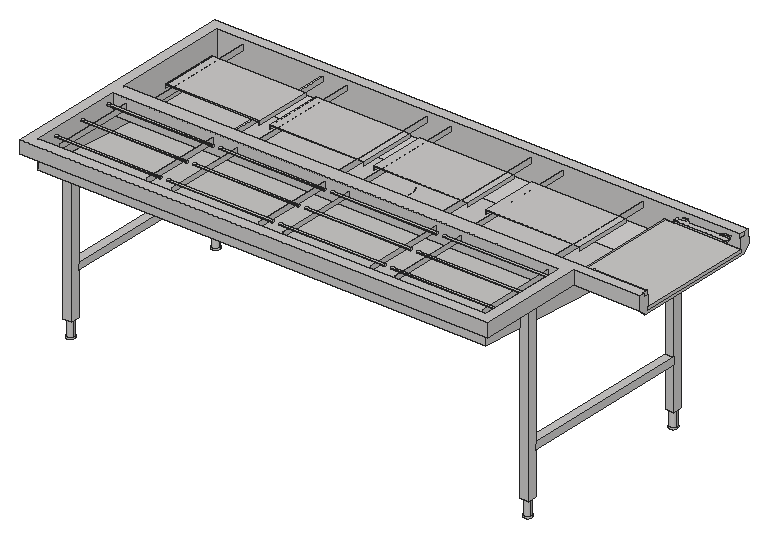
Revit family "QF_ELECTROLUXPROFESSIONAL_865462_HSDDS4LR", category Specialty Equipment, Revit 2018
Family settings
  Round Connector Dimension = Use Diameter
  Part Type = Normal
  Work Plane-Based = No
  Always vertical = Yes
  Cut with Voids When Loaded = No
  Shared = No
  Room Calculation Point = No
Parameters
  Weight = 0.00 kg
  Watts = 0 W
  Volts = 0 V
  URL Manufacturer = ""
  Steam Supply Size = 0 mm
  Steam Supply Minimum Pressure = 0.0 Pa
  Steam Supply Maximum Pressure = 0.0 Pa
  Steam Pounds per Hour = 0
  Refrigeration Suction Line Size = 0 mm
  Refrigeration Liquid Line Size = 0 mm
  Refrigerant Compressor Remote = yes
  Phase = 0
  Length Actual = 0 mm
  Item Number = ""
  Hot Water Size = 0 mm
  Height Actual = 0 mm
  HP = ""
  Gas Size = 0 mm
  Gas KW = 0
  Gas Input Pressure = 0 W
  Depth Actual = 0 mm
  Cycle = 0 Hz
  Condensate Return Size = 0 mm
  Compressed Air Volume = 0.0 L/s
  Compressed Air Size = 0 mm
  Compressed Air Pressure = 0.0 Pa
  Cold Water Size = 0 mm
  Accessory = yes
Reference planes
  plane 1: z = 0
  plane 2 "R": x = 810
  plane 3: z = 910
  plane 4: z = 0
  plane 5: z = 300
  plane 6 "BACK": y = 310
  plane 7 "FRONT": y = -800
  plane 8 "LEFT": x = -1320
  plane 9: x = -255
  plane 10: y = -310
  plane 11 "RIGHT": x = 1110
Forms (mm)
  Extrusion 1, solid, material "QF_Finishes_Stainless Steel"
    sketch origin (0, 0, 0) x (-1, 0, 0) y (0, -1, 0)
      loop
        line (1320, 800) -> (-810, 800) -> (-810, 310) -> (-1107.022, 310) -> (-1107.022, 265) -> (-765, 265) -> (-765, 755) -> (1275, 755) -> (1275, -265) -> (-1107.022, -265) -> (-1107.022, -310) -> (1320, -310) -> (1320, 800)
    from 850.091 to 910
  Extrusion 2, solid, material "QF_Finishes_Stainless Steel"
    sketch origin (0, 0, 0) x (0, 1, 0) y (0, 0, -1)
      loop
        line (-756.248, -850.091) -> (-755, -850.091) -> (-755, -784.848) -> (-131.111, -741.138) -> (130.374, -741.138) -> (265, -784.879) -> (265, -850.091) -> (266.249, -850.091) -> (266.249, -782.13) -> (130.849, -738.138) -> (-131.216, -738.138) -> (-756.248, -781.928) -> (-756.248, -850.091)
    from -765 to 1275
  Revolve 3, solid, material "QF_Finishes_Stainless Steel"
    sketch origin (-255, 0.526, -123.199) x (-1, 0, 0) y (0, 0, -1)
      loop
        line (76.494, -861.337) -> (76.494, -847.59)
        arc (76.494, -847.59) -> (75.89, -845.987) -> (74.39, -845.16) r 2.474
        arc (74.39, -845.16) -> (71.083, -841.301) -> (74.377, -837.43) r 3.913
        arc (74.377, -837.43) -> (75.887, -836.598) -> (76.494, -834.985) r 2.49
        line (76.494, -834.985) -> (76.494, -794.661)
        arc (76.494, -794.661) -> (65.844, -763.962) -> (38.457, -746.476) r 49.516
        line (38.457, -746.476) -> (38.457, -743.987) -> (37.25, -742.336) -> (37.25, -740.749) -> (23.47, -734.749) -> (23.47, -698.838) -> (21.946, -697.377) -> (0, -697.377) -> (0, -861.337) -> (76.494, -861.337)
      axis (0, -861.337) -> (0, -697.377)
    angle from 0 to 360
  Extrusion 4, solid, material "QF_Finishes_Stainless Steel"
    sketch origin (0, 0, 0) x (-1, 0, 0) y (0, -1, 0)
      loop
        line (-765, 330.124) -> (-765, 265) -> (1275, 265) -> (1275, 330.124) -> (-765, 330.124)
    from 820 to 910
  Extrusion 5, solid, material "QF_Finishes_Stainless Steel"
    sketch origin (6.015, 0, -602.691) x (-1, 0, 0) y (0, -1, 0)
      loop
        line (1283.015, -266.249) -> (1323.015, -266.249) -> (1323.015, 521.738) -> (1283.015, 521.738) -> (1283.015, -266.249)
    from 872.691 to 902.691
  Extrusion 6, solid, material "QF_Finishes_Stainless Steel"
    sketch origin (-1277, 0, 0) x (0, 1, 0) y (0, 0, -1)
      loop
        line (-756.248, -781.928) -> (-756.248, -850.091) -> (266.249, -850.091) -> (266.249, -782.13) -> (130.849, -738.138) -> (-131.216, -738.138) -> (-756.248, -781.928)
    from 0 to -2
  Extrusion 7, solid, material "QF_Finishes_Stainless Steel"
    sketch origin (767, 0, 0) x (0, 1, 0) y (0, 0, 1)
      loop
        line (-756.248, 850.091) -> (-756.248, 781.928) -> (-131.216, 738.138) -> (130.849, 738.138) -> (266.249, 782.13) -> (266.249, 850.091) -> (-756.248, 850.091)
    from 0 to -2
  Extrusion 8, solid, material "QF_Finishes_Stainless Steel"
    sketch origin (-516, 0.054, -598.981) x (1, 0, 0) y (0, 1, 0)
      loop
        line (1283, 266.195) -> (1283, -521.792) -> (1323, -521.792) -> (1323, 266.195) -> (1283, 266.195)
    from 869.081 to 898.981
  Extrusion 9, solid, material "QF_Finishes_Stainless Steel"
    sketch origin (0, -7.263, 2.863) x (-1, 0, 0) y (0, -1, 0)
      loop
        line (-200.029, 694.438) -> (-200.029, 322.861) -> (-196.981, 322.861) -> (-196.981, 694.438) -> (-200.029, 694.438)
      loop
        line (196.981, 694.438) -> (196.981, 322.861) -> (200.029, 322.861) -> (200.029, 694.438) -> (196.981, 694.438)
      loop
        line (1220.049, 694.438) -> (1217.001, 694.438) -> (1217.001, 322.861) -> (1220.049, 322.861) -> (1220.049, 694.438)
      loop
        line (823.039, 694.438) -> (819.991, 694.438) -> (819.991, 322.861) -> (823.039, 322.861) -> (823.039, 694.438)
      loop
        line (710.007, 694.438) -> (707.023, 694.438) -> (707.023, 322.861) -> (710.007, 322.861) -> (710.007, 694.438)
      loop
        line (312.997, 694.438) -> (310.013, 694.438) -> (310.013, 322.861) -> (312.997, 322.861) -> (312.997, 694.438)
      loop
        line (-710.071, 694.438) -> (-710.071, 322.861) -> (-707.023, 322.861) -> (-707.023, 694.438) -> (-710.071, 694.438)
      loop
        line (-313.061, 694.438) -> (-313.061, 322.861) -> (-310.013, 322.861) -> (-310.013, 694.438) -> (-313.061, 694.438)
    from 860 to 881.896
  Extrusion 10, solid, material "QF_Finishes_Stainless Steel"
    sketch origin (-2327.512, 265, 0) x (0, 1, 0) y (0, 0, 1)
      loop
        circle (-937.158, 888.745) r 3.985
      loop
        circle (-788.819, 888.745) r 3.985
      loop
        circle (-640.48, 888.745) r 3.985
    from 1067.5 to 1547.5
  Extrusion 11, solid, material "QF_Finishes_Stainless Steel"
    sketch origin (-1817.533, 265, 0) x (0, 1, 0) y (0, 0, 1)
      loop
        circle (-937.158, 888.745) r 3.985
      loop
        circle (-788.819, 888.745) r 3.985
      loop
        circle (-640.48, 888.745) r 3.985
    from 1067.5 to 1547.5
  Extrusion 12, solid, material "QF_Finishes_Stainless Steel"
    sketch origin (-1307.491, 265, 0) x (0, 1, 0) y (0, 0, 1)
      loop
        circle (-937.158, 888.745) r 3.985
      loop
        circle (-788.819, 888.745) r 3.985
      loop
        circle (-640.48, 888.745) r 3.985
    from 1067.5 to 1547.5
  Extrusion 13, solid, material "QF_Finishes_Stainless Steel"
    sketch origin (1557.022, 52.5, 35) x (0, 1, 0) y (0, 0, 1)
      loop
        line (-362.5, 815.091) -> (-334.909, 787.5) -> (229.909, 787.5) -> (257.5, 815.091) -> (257.5, 875) -> (235, 875) -> (235, 860) -> (212.5, 860) -> (212.5, 808.439) -> (-317.5, 808.439) -> (-317.5, 860) -> (-340, 860) -> (-340, 875) -> (-362.5, 875) -> (-362.5, 815.091)
    from -450 to -447.022
  Extrusion 14, solid, material "QF_Finishes_Stainless Steel"
    sketch origin (-275, -2290.751, 0) x (0, 1, 0) y (0, 0, 1)
      loop
        line (2597.773, 875) -> (2557, 875) -> (2557, 872) -> (2597.773, 872) -> (2597.773, 875)
    from 0 to 530
  Extrusion 15, solid, material "QF_Finishes_Stainless Steel"
    sketch origin (0, 0, 0) x (1, 0, 0) y (0, 0, 1)
      loop
        line (-1159.991, 862.863) -> (-1159.991, 884.759) -> (-1163.039, 884.759) -> (-1163.039, 862.863) -> (-1159.991, 862.863)
      loop
        line (-794.991, 862.863) -> (-794.991, 884.759) -> (-798.039, 884.759) -> (-798.039, 862.863) -> (-794.991, 862.863)
      loop
        line (-684.991, 862.863) -> (-684.991, 884.759) -> (-688.039, 884.759) -> (-688.039, 862.863) -> (-684.991, 862.863)
      loop
        line (-319.991, 862.863) -> (-319.991, 884.759) -> (-323.039, 884.759) -> (-323.039, 862.863) -> (-319.991, 862.863)
      loop
        line (-209.991, 862.863) -> (-209.991, 884.759) -> (-213.039, 884.759) -> (-213.039, 862.863) -> (-209.991, 862.863)
      loop
        line (155.009, 862.863) -> (155.009, 884.759) -> (151.961, 884.759) -> (151.961, 862.863) -> (155.009, 862.863)
      loop
        line (300.048, 862.863) -> (300.048, 884.759) -> (297, 884.759) -> (297, 862.863) -> (300.048, 862.863)
      loop
        line (665.048, 862.863) -> (665.048, 884.759) -> (662, 884.759) -> (662, 862.863) -> (665.048, 862.863)
    from -265 to 265
  Extrusion 16, solid, material "QF_Finishes_Stainless Steel"
    sketch origin (2.5, 0, 0) x (1, 0, 0) y (0, 0, 1)
      loop
        line (-769.039, 884.759) -> (-769.039, 871.646) -> (-766.039, 871.646) -> (-766.039, 887.746) -> (-1196.039, 887.746) -> (-1196.039, 871.646) -> (-1193.039, 871.646) -> (-1193.039, 884.759) -> (-769.039, 884.759)
    from -130.374 to 131.111
  Extrusion 17, solid, material "QF_Finishes_Stainless Steel"
    sketch origin (477.5, 0, 0) x (1, 0, 0) y (0, 0, 1)
      loop
        line (-769.039, 884.759) -> (-769.039, 871.646) -> (-766.039, 871.646) -> (-766.039, 887.746) -> (-1196.039, 887.746) -> (-1196.039, 871.646) -> (-1193.039, 871.646) -> (-1193.039, 884.759) -> (-769.039, 884.759)
    from -130.374 to 131.111
  Extrusion 18, solid, material "QF_Finishes_Stainless Steel"
    sketch origin (952.5, 0, 0) x (1, 0, 0) y (0, 0, 1)
      loop
        line (-769.039, 884.759) -> (-769.039, 871.646) -> (-766.039, 871.646) -> (-766.039, 887.746) -> (-1196.039, 887.746) -> (-1196.039, 871.646) -> (-1193.039, 871.646) -> (-1193.039, 884.759) -> (-769.039, 884.759)
    from -130.374 to 131.111
  Extrusion 19, solid, material "QF_Finishes_Stainless Steel"
    sketch origin (510, 0, 0) x (1, 0, 0) y (0, 0, 1)
      loop
        line (597.022, 843.439) -> (600, 843.439) -> (600, 833.439) -> (602.5, 833.439) -> (602.5, 846.169) -> (257, 850.068) -> (257, 847.567) -> (597.022, 843.439)
    from -266.249 to 265
  Extrusion 20, solid, material "QF_Finishes_Stainless Steel"
    sketch origin (510, 0, 0) x (1, 0, 0) y (0, 1, 0)
      loop
        arc (330.912, 247.069) -> (327.376, 245.605) -> (325.912, 242.069) r 5
        line (325.912, 242.069) -> (325.912, 232.503)
        arc (325.912, 232.503) -> (327.376, 228.968) -> (330.912, 227.503) r 5
        line (330.912, 227.503) -> (565, 227.503)
        arc (565, 227.503) -> (568.536, 228.968) -> (570, 232.503) r 5
        line (570, 232.503) -> (570, 242.069)
        arc (570, 242.069) -> (568.536, 245.605) -> (565, 247.069) r 5
        line (565, 247.069) -> (520, 247.069) -> (535.477, 262.546) -> (555.477, 262.546) -> (555.477, 265) -> (534.395, 265) -> (516.464, 247.069) -> (379.448, 247.069) -> (361.517, 265) -> (340.435, 265) -> (340.435, 262.546) -> (360.435, 262.546) -> (375.912, 247.069) -> (330.912, 247.069)
    from 884.759 to 887.746
  Extrusion 21, solid, material "QF_Finishes_Stainless Steel"
    sketch origin (510, 0, 0) x (1, 0, 0) y (0, 1, 0)
      loop
        line (330.912, -247.069) -> (375.912, -247.069) -> (360.435, -262.546) -> (340.435, -262.546) -> (340.435, -265) -> (361.517, -265) -> (379.448, -247.069) -> (516.464, -247.069) -> (534.395, -265) -> (555.477, -265) -> (555.477, -262.546) -> (535.477, -262.546) -> (520, -247.069) -> (565, -247.069)
        arc (565, -247.069) -> (568.536, -245.605) -> (570, -242.069) r 5
        line (570, -242.069) -> (570, -232.503)
        arc (570, -232.503) -> (568.536, -228.968) -> (565, -227.503) r 5
        line (565, -227.503) -> (330.912, -227.503)
        arc (330.912, -227.503) -> (327.376, -228.968) -> (325.912, -232.503) r 5
        line (325.912, -232.503) -> (325.912, -242.069)
        arc (325.912, -242.069) -> (327.376, -245.605) -> (330.912, -247.069) r 5
    from 884.759 to 887.746
  Extrusion 22, solid, material "QF_Finishes_Stainless Steel"
    sketch origin (-797.45, 265, 0) x (0, 1, 0) y (0, 0, 1)
      loop
        circle (-937.158, 888.745) r 3.985
      loop
        circle (-788.819, 888.745) r 3.985
      loop
        circle (-640.48, 888.745) r 3.985
    from 1067.5 to 1547.5
  Extrusion 23, solid, material "QF_Finishes_Stainless Steel"
    sketch origin (1462.542, 0, 0) x (1, 0, 0) y (0, 0, 1)
      loop
        line (-769.039, 884.759) -> (-769.039, 871.646) -> (-766.039, 871.646) -> (-766.039, 887.746) -> (-1196.039, 887.746) -> (-1196.039, 871.646) -> (-1193.039, 871.646) -> (-1193.039, 884.759) -> (-769.039, 884.759)
    from -130.374 to 131.111
Cuts and joins
  joined: Extrusion 1, Extrusion 2, Revolve 3, Extrusion 4, Extrusion 6, Extrusion 7, Extrusion 9, Extrusion 10, Extrusion 11, Extrusion 12, Extrusion 13, Extrusion 14
Lines and regions (mm)
  Split face 1
    outline origin (-131.315, -0.079, 741.138) x (-1, 0, 0) y (0, -1, 0)
      loop
        circle (123.685, -0.035) r 73.783
  Split face 2
    outline origin (-131.315, -0.079, 741.138) x (-1, 0, 0) y (0, -1, 0)
      loop
        circle (123.685, -0.035) r 66.01
  Split face 3
    outline origin (-131.315, -0.079, 741.138) x (-1, 0, 0) y (0, -1, 0)
      loop
        circle (123.685, -0.035) r 53.774
  Split face 4
    outline origin (-131.315, -0.079, 741.138) x (-1, 0, 0) y (0, -1, 0)
      loop
        circle (123.685, -0.035) r 50.771
  Split face 5
    outline origin (-131.315, -0.079, 741.138) x (-1, 0, 0) y (0, -1, 0)
      loop
        circle (123.685, -0.035) r 33.793
  Split face 6
    outline origin (-131.315, -0.079, 741.138) x (-1, 0, 0) y (0, -1, 0)
      loop
        circle (123.685, -0.035) r 30.826
  Split face 7
    outline origin (-131.315, -0.079, 741.138) x (-1, 0, 0) y (0, -1, 0)
      loop
        circle (123.685, -0.035) r 13.843
  Split face 8
    outline origin (-131.315, -0.079, 741.138) x (-1, 0, 0) y (0, -1, 0)
      loop
        circle (123.685, -0.035) r 10.833
  symbolic lines
    curve 1: line (-1320, 310, 0) -> (1110, 310, 0)
    curve 2: line (-1320, -800, 0) -> (-1320, 310, 0)
    curve 3: line (810, -800, 0) -> (-1320, -800, 0)
    curve 4: line (810, -310, 0) -> (810, -800, 0)
    curve 5: line (-1275, 265, 0) -> (1110, 265, 0)
    curve 6: line (-1275, -755, 0) -> (-1275, 265, 0)
    curve 7: line (765, -755, 0) -> (-1275, -755, 0)
    curve 8: line (-1275, -265, 0) -> (1110, -265, 0)
    curve 9: line (765, -330.124, 0) -> (-1275, -330.124, 0)
    curve 10: line (-1260.012, -371.495, 0) -> (-1260.012, -379.465, 0)
    curve 11: line (-1260.012, -379.465, 0) -> (-780.012, -379.465, 0)
    curve 12: line (-780.012, -379.465, 0) -> (-780.012, -371.495, 0)
    curve 13: line (-780.012, -371.495, 0) -> (-1260.012, -371.495, 0)
    curve 14: line (-1260.012, -519.834, 0) -> (-1260.012, -527.804, 0)
    curve 15: line (-1260.012, -527.804, 0) -> (-780.012, -527.804, 0)
    curve 16: line (-780.012, -527.804, 0) -> (-780.012, -519.834, 0)
    curve 17: line (-780.012, -519.834, 0) -> (-1260.012, -519.834, 0)
    curve 18: line (-1260.012, -668.173, 0) -> (-1260.012, -676.143, 0)
    curve 19: line (-1260.012, -676.143, 0) -> (-780.012, -676.143, 0)
    curve 20: line (-780.012, -676.143, 0) -> (-780.012, -668.173, 0)
    curve 21: line (-780.012, -668.173, 0) -> (-1260.012, -668.173, 0)
    curve 22: line (-1220.049, -330.124, 0) -> (-1220.049, -371.495, 0)
    curve 23: line (-1217.001, -330.124, 0) -> (-1217.001, -371.495, 0)
    curve 24: line (-1220.049, -379.465, 0) -> (-1220.049, -519.834, 0)
    curve 25: line (-1220.049, -701.7, 0) -> (-1220.049, -676.143, 0)
    curve 26: line (-1220.049, -701.7, 0) -> (-1217.001, -701.7, 0)
    curve 27: line (-1217.001, -701.7, 0) -> (-1217.001, -676.143, 0)
    curve 28: line (-1220.049, -668.173, 0) -> (-1220.049, -527.804, 0)
    curve 29: line (-1217.001, -527.804, 0) -> (-1217.001, -668.173, 0)
    curve 30: line (-1217.001, -519.834, 0) -> (-1217.001, -379.465, 0)
    curve 31: line (-823.039, -330.124, 0) -> (-823.039, -371.495, 0)
    curve 32: line (-819.992, -330.124, 0) -> (-819.992, -371.495, 0)
    curve 33: line (-823.039, -379.465, 0) -> (-823.039, -519.834, 0)
    curve 34: line (-823.039, -701.7, 0) -> (-823.039, -676.143, 0)
    curve 35: line (-823.039, -701.7, 0) -> (-819.992, -701.7, 0)
    curve 36: line (-819.992, -701.7, 0) -> (-819.992, -676.143, 0)
    curve 37: line (-823.039, -668.173, 0) -> (-823.039, -527.804, 0)
    curve 38: line (-819.992, -527.804, 0) -> (-819.992, -668.173, 0)
    curve 39: line (-819.992, -519.834, 0) -> (-819.992, -379.465, 0)
    curve 40: line (-750.033, -371.495, 0) -> (-750.033, -379.465, 0)
    curve 41: line (-750.033, -379.465, 0) -> (-270.033, -379.465, 0)
    curve 42: line (-270.033, -379.465, 0) -> (-270.033, -371.495, 0)
    curve 43: line (-270.033, -371.495, 0) -> (-750.033, -371.495, 0)
    curve 44: line (-750.033, -519.834, 0) -> (-750.033, -527.804, 0)
    curve 45: line (-750.033, -527.804, 0) -> (-270.033, -527.804, 0)
    curve 46: line (-270.033, -527.804, 0) -> (-270.033, -519.834, 0)
    curve 47: line (-270.033, -519.834, 0) -> (-750.033, -519.834, 0)
    curve 48: line (-750.033, -668.173, 0) -> (-750.033, -676.143, 0)
    curve 49: line (-750.033, -676.143, 0) -> (-270.033, -676.143, 0)
    curve 50: line (-270.033, -676.143, 0) -> (-270.033, -668.173, 0)
    curve 51: line (-270.033, -668.173, 0) -> (-750.033, -668.173, 0)
    curve 52: line (-710.071, -330.124, 0) -> (-710.071, -371.495, 0)
    curve 53: line (-707.023, -330.124, 0) -> (-707.023, -371.495, 0)
    curve 54: line (-710.071, -379.465, 0) -> (-710.071, -519.834, 0)
    curve 55: line (-710.071, -701.7, 0) -> (-710.071, -676.143, 0)
    curve 56: line (-710.071, -701.7, 0) -> (-707.023, -701.7, 0)
    curve 57: line (-707.023, -701.7, 0) -> (-707.023, -676.143, 0)
    curve 58: line (-710.071, -668.173, 0) -> (-710.071, -527.804, 0)
    curve 59: line (-707.023, -527.804, 0) -> (-707.023, -668.173, 0)
    curve 60: line (-707.023, -519.834, 0) -> (-707.023, -379.465, 0)
    curve 61: line (-313.061, -330.124, 0) -> (-313.061, -371.495, 0)
    curve 62: line (-310.013, -330.124, 0) -> (-310.013, -371.495, 0)
    curve 63: line (-313.061, -379.465, 0) -> (-313.061, -519.834, 0)
    curve 64: line (-313.061, -701.7, 0) -> (-313.061, -676.143, 0)
    curve 65: line (-313.061, -701.7, 0) -> (-310.013, -701.7, 0)
    curve 66: line (-310.013, -701.7, 0) -> (-310.013, -676.143, 0)
    curve 67: line (-313.061, -668.173, 0) -> (-313.061, -527.804, 0)
    curve 68: line (-310.013, -527.804, 0) -> (-310.013, -668.173, 0)
    curve 69: line (-310.013, -519.834, 0) -> (-310.013, -379.465, 0)
    curve 70: line (-239.991, -371.495, 0) -> (-239.991, -379.465, 0)
    curve 71: line (-239.991, -379.465, 0) -> (240.009, -379.465, 0)
    curve 72: line (240.009, -379.465, 0) -> (240.009, -371.495, 0)
    curve 73: line (240.009, -371.495, 0) -> (-239.991, -371.495, 0)
    curve 74: line (-239.991, -519.834, 0) -> (-239.991, -527.804, 0)
    curve 75: line (-239.991, -527.804, 0) -> (240.009, -527.804, 0)
    curve 76: line (240.009, -527.804, 0) -> (240.009, -519.834, 0)
    curve 77: line (240.009, -519.834, 0) -> (-239.991, -519.834, 0)
    curve 78: line (-239.991, -668.173, 0) -> (-239.991, -676.143, 0)
    curve 79: line (-239.991, -676.143, 0) -> (240.009, -676.143, 0)
    curve 80: line (240.009, -676.143, 0) -> (240.009, -668.173, 0)
    curve 81: line (240.009, -668.173, 0) -> (-239.991, -668.173, 0)
    curve 82: line (-200.029, -330.124, 0) -> (-200.029, -371.495, 0)
    curve 83: line (-196.981, -330.124, 0) -> (-196.981, -371.495, 0)
    curve 84: line (-200.029, -379.465, 0) -> (-200.029, -519.834, 0)
    curve 85: line (-200.029, -701.7, 0) -> (-200.029, -676.143, 0)
    curve 86: line (-200.029, -701.7, 0) -> (-196.981, -701.7, 0)
    curve 87: line (-196.981, -701.7, 0) -> (-196.981, -676.143, 0)
    curve 88: line (-200.029, -668.173, 0) -> (-200.029, -527.804, 0)
    curve 89: line (-196.981, -527.804, 0) -> (-196.981, -668.173, 0)
    curve 90: line (-196.981, -519.834, 0) -> (-196.981, -379.465, 0)
    curve 91: line (196.981, -330.124, 0) -> (196.981, -371.495, 0)
    curve 92: line (200.029, -330.124, 0) -> (200.029, -371.495, 0)
    curve 93: line (196.981, -379.465, 0) -> (196.981, -519.834, 0)
    curve 94: line (196.981, -701.7, 0) -> (196.981, -676.143, 0)
    curve 95: line (196.981, -701.7, 0) -> (200.029, -701.7, 0)
    curve 96: line (200.029, -701.7, 0) -> (200.029, -676.143, 0)
    curve 97: line (196.981, -668.173, 0) -> (196.981, -527.804, 0)
    curve 98: line (200.029, -527.804, 0) -> (200.029, -668.173, 0)
    curve 99: line (200.029, -519.834, 0) -> (200.029, -379.465, 0)
    curve 100: line (765, -755, 0) -> (765, -330.124, 0)
    curve 101: arc (-331.496, 0.526, 0) -> (-255, 77.021, 0) -> (-178.504, 0.526, 0) r 76.496
    curve 102: arc (-178.504, 0.526, 0) -> (-255, -75.97, 0) -> (-331.496, 0.526, 0) r 76.496
    curve 103: arc (-233.054, 0.526, 0) -> (-255, 22.472, 0) -> (-276.946, 0.526, 0) r 21.946
    curve 104: arc (-276.946, 0.526, 0) -> (-255, -21.421, 0) -> (-233.054, 0.526, 0) r 21.946
    curve 105: line (810, -310, 0) -> (1110, -310, 0)
    curve 106: line (1110, -310, 0) -> (1110, 310, 0)
    curve 107: line (1110, 0, 0) -> (1080, 0, 0)
    curve 108: line (-1193.539, 130.374, 0) -> (-763.539, 130.374, 0)
    curve 109: line (-1193.539, -131.111, 0) -> (-1193.539, 130.374, 0)
    curve 110: line (-763.539, -131.111, 0) -> (-1193.539, -131.111, 0)
    curve 111: line (-763.539, 130.374, 0) -> (-763.539, -131.111, 0)
    curve 112: line (-718.539, 130.374, 0) -> (-288.539, 130.374, 0)
    curve 113: line (-718.539, -131.111, 0) -> (-718.539, 130.374, 0)
    curve 114: line (-288.539, -131.111, 0) -> (-718.539, -131.111, 0)
    curve 115: line (-288.539, 130.374, 0) -> (-288.539, -131.111, 0)
    curve 116: line (-243.539, -131.111, 0) -> (186.461, -131.111, 0)
    curve 117: line (-243.539, 130.374, 0) -> (-243.539, -131.111, 0)
    curve 118: line (186.461, 130.374, 0) -> (-243.539, 130.374, 0)
    curve 119: line (186.461, -131.111, 0) -> (186.461, 130.374, 0)
    curve 120: line (-1163.039, 265, 0) -> (-1163.039, 130.374, 0)
    curve 121: line (-1159.991, 130.374, 0) -> (-1159.991, 265, 0)
    curve 122: line (-1163.039, -265, 0) -> (-1163.039, -131.111, 0)
    curve 123: line (-1159.991, -131.111, 0) -> (-1159.991, -265, 0)
    curve 124: line (-798.039, 265, 0) -> (-798.039, 130.374, 0)
    curve 125: line (-794.991, 130.374, 0) -> (-794.991, 265, 0)
    curve 126: line (-798.039, -265, 0) -> (-798.039, -131.111, 0)
    curve 127: line (-794.991, -131.111, 0) -> (-794.991, -265, 0)
    curve 128: line (-688.039, 265, 0) -> (-688.039, 130.374, 0)
    curve 129: line (-684.991, 130.374, 0) -> (-684.991, 265, 0)
    curve 130: line (-688.039, -265, 0) -> (-688.039, -131.111, 0)
    curve 131: line (-684.991, -131.111, 0) -> (-684.991, -265, 0)
    curve 132: line (-323.039, 265, 0) -> (-323.039, 130.374, 0)
    curve 133: line (-319.991, 130.374, 0) -> (-319.991, 265, 0)
    curve 134: line (-323.039, -265, 0) -> (-323.039, -131.111, 0)
    curve 135: line (-319.991, -131.111, 0) -> (-319.991, -265, 0)
    curve 136: line (-213.039, 265, 0) -> (-213.039, 130.374, 0)
    curve 137: line (-209.991, 130.374, 0) -> (-209.991, 265, 0)
    curve 138: line (-213.039, -265, 0) -> (-213.039, -131.111, 0)
    curve 139: line (-209.991, -131.111, 0) -> (-209.991, -265, 0)
    curve 140: line (151.961, 265, 0) -> (151.961, 130.374, 0)
    curve 141: line (155.009, 130.374, 0) -> (155.009, 265, 0)
    curve 142: line (151.961, -265, 0) -> (151.961, -131.111, 0)
    curve 143: line (155.009, -131.111, 0) -> (155.009, -265, 0)
    curve 144: line (807, -265, 0) -> (807, 265, 0)
    curve 145: line (840.912, 227.503, 0) -> (1075, 227.503, 0)
    curve 146: arc (1075, 227.503, 0) -> (1078.536, 228.968, 0) -> (1080, 232.503, 0) r 5
    curve 147: line (1080, 232.503, 0) -> (1080, 242.069, 0)
    curve 148: arc (1080, 242.069, 0) -> (1078.536, 245.605, 0) -> (1075, 247.069, 0) r 5
    curve 149: line (1075, 247.069, 0) -> (1030, 247.069, 0)
    curve 150: line (1030, 247.069, 0) -> (1045.477, 262.546, 0)
    curve 151: line (1045.477, 262.546, 0) -> (1065.477, 262.546, 0)
    curve 152: line (1065.477, 262.546, 0) -> (1065.477, 265, 0)
    curve 153: line (1044.395, 265, 0) -> (1026.464, 247.069, 0)
    curve 154: line (1026.464, 247.069, 0) -> (889.448, 247.069, 0)
    curve 155: line (889.448, 247.069, 0) -> (871.517, 265, 0)
    curve 156: line (850.435, 265, 0) -> (850.435, 262.546, 0)
    curve 157: line (850.435, 262.546, 0) -> (870.435, 262.546, 0)
    curve 158: line (870.435, 262.546, 0) -> (885.912, 247.069, 0)
    curve 159: line (885.912, 247.069, 0) -> (840.912, 247.069, 0)
    curve 160: arc (840.912, 247.069, 0) -> (837.376, 245.605, 0) -> (835.912, 242.069, 0) r 5
    curve 161: line (835.912, 242.069, 0) -> (835.912, 232.503, 0)
    curve 162: arc (835.912, 232.503, 0) -> (837.376, 228.968, 0) -> (840.912, 227.503, 0) r 5
    curve 163: line (840.912, -227.503, 0) -> (1075, -227.503, 0)
    curve 164: arc (1075, -227.503, 0) -> (1078.536, -228.968, 0) -> (1080, -232.503, 0) r 5
    curve 165: line (1080, -232.503, 0) -> (1080, -242.069, 0)
    curve 166: arc (1080, -242.069, 0) -> (1078.536, -245.605, 0) -> (1075, -247.069, 0) r 5
    curve 167: line (1075, -247.069, 0) -> (1030, -247.069, 0)
    curve 168: line (1030, -247.069, 0) -> (1045.477, -262.546, 0)
    curve 169: line (1045.477, -262.546, 0) -> (1065.477, -262.546, 0)
    curve 170: line (1065.477, -262.546, 0) -> (1065.477, -265, 0)
    curve 171: line (1044.395, -265, 0) -> (1026.464, -247.069, 0)
    curve 172: line (1026.464, -247.069, 0) -> (889.448, -247.069, 0)
    curve 173: line (889.448, -247.069, 0) -> (871.517, -265, 0)
    curve 174: line (850.435, -265, 0) -> (850.435, -262.546, 0)
    curve 175: line (850.435, -262.546, 0) -> (870.435, -262.546, 0)
    curve 176: line (870.435, -262.546, 0) -> (885.912, -247.069, 0)
    curve 177: line (885.912, -247.069, 0) -> (840.912, -247.069, 0)
    curve 178: arc (840.912, -247.069, 0) -> (837.376, -245.605, 0) -> (835.912, -242.069, 0) r 5
    curve 179: line (835.912, -242.069, 0) -> (835.912, -232.503, 0)
    curve 180: arc (835.912, -232.503, 0) -> (837.376, -228.968, 0) -> (840.912, -227.503, 0) r 5
    curve 181: line (270.05, -371.495, 0) -> (270.05, -379.465, 0)
    curve 182: line (270.05, -379.465, 0) -> (750.05, -379.465, 0)
    curve 183: line (750.05, -379.465, 0) -> (750.05, -371.495, 0)
    curve 184: line (750.05, -371.495, 0) -> (270.05, -371.495, 0)
    curve 185: line (270.05, -519.834, 0) -> (270.05, -527.804, 0)
    curve 186: line (270.05, -527.804, 0) -> (750.05, -527.804, 0)
    curve 187: line (750.05, -527.804, 0) -> (750.05, -519.834, 0)
    curve 188: line (750.05, -519.834, 0) -> (270.05, -519.834, 0)
    curve 189: line (270.05, -668.173, 0) -> (270.05, -676.143, 0)
    curve 190: line (270.05, -676.143, 0) -> (750.05, -676.143, 0)
    curve 191: line (750.05, -676.143, 0) -> (750.05, -668.173, 0)
    curve 192: line (750.05, -668.173, 0) -> (270.05, -668.173, 0)
    curve 193: line (310.013, -330.124, 0) -> (310.013, -371.495, 0)
    curve 194: line (313.061, -330.124, 0) -> (313.061, -371.495, 0)
    curve 195: line (310.013, -379.465, 0) -> (310.013, -519.834, 0)
    curve 196: line (310.013, -701.7, 0) -> (310.013, -676.143, 0)
    curve 197: line (310.013, -701.7, 0) -> (313.061, -701.7, 0)
    curve 198: line (313.061, -701.7, 0) -> (313.061, -676.143, 0)
    curve 199: line (310.013, -668.173, 0) -> (310.013, -527.804, 0)
    curve 200: line (313.061, -527.804, 0) -> (313.061, -668.173, 0)
    curve 201: line (313.061, -519.834, 0) -> (313.061, -379.465, 0)
    curve 202: line (707.023, -330.124, 0) -> (707.023, -371.495, 0)
    curve 203: line (710.07, -330.124, 0) -> (710.07, -371.495, 0)
    curve 204: line (707.023, -379.465, 0) -> (707.023, -519.834, 0)
    curve 205: line (707.023, -701.7, 0) -> (707.023, -676.143, 0)
    curve 206: line (707.023, -701.7, 0) -> (710.07, -701.7, 0)
    curve 207: line (710.07, -701.7, 0) -> (710.07, -676.143, 0)
    curve 208: line (707.023, -668.173, 0) -> (707.023, -527.804, 0)
    curve 209: line (710.07, -527.804, 0) -> (710.07, -668.173, 0)
    curve 210: line (710.07, -519.834, 0) -> (710.07, -379.465, 0)
    curve 211: line (266.502, -131.111, 0) -> (696.502, -131.111, 0)
    curve 212: line (266.502, 130.374, 0) -> (266.502, -131.111, 0)
    curve 213: line (696.502, 130.374, 0) -> (266.502, 130.374, 0)
    curve 214: line (696.502, -131.111, 0) -> (696.502, 130.374, 0)
    curve 215: line (297.002, 265, 0) -> (297.002, 130.374, 0)
    curve 216: line (300.05, 130.374, 0) -> (300.05, 265, 0)
    curve 217: line (297.002, -265, 0) -> (297.002, -131.111, 0)
    curve 218: line (300.05, -131.111, 0) -> (300.05, -265, 0)
    curve 219: line (662.002, 265, 0) -> (662.002, 130.374, 0)
    curve 220: line (665.05, 130.374, 0) -> (665.05, 265, 0)
    curve 221: line (662.002, -265, 0) -> (662.002, -131.111, 0)
    curve 222: line (665.05, -131.111, 0) -> (665.05, -265, 0)
Dimensions and locks
  plane 3 to level = 910 mm
  plane 8 "LEFT" to plane 2 "R" = 2130 mm
  plane 6 "BACK" to plane 7 "FRONT" = 1110 mm
  cut or joined group 1 (Extrusion 1, Extrusion 2, Revolve 3, Extrusion 4, Extrusion 6, Extrusion 7, Extrusion 9, Extrusion 10, Extrusion 11, Extrusion 12, Extrusion 13, Extrusion 14) to cut or joined group 1 = 1020 mm
  plane 9 to plane 2 "R" = 1065 mm
  plane 6 "BACK" to plane 10 = 620 mm
  plane 8 "LEFT" to plane 11 "RIGHT" = 2430 mm
  locked: plane 2 "R" to plane 11 "RIGHT" at 300
  aligned and locked: level to plane 1
  aligned and locked: Extrusion 1 to Extrusion 13  (x2)
Nested families
  nested 1: "Foot_40x40" at (-1297, -541.738, 0), type "Foot_40x40"
    with A 850.091 mm
  nested 2: "Foot_40x40" at (-1297, 286.249, 0), type "Foot_40x40"
    with A 850.091 mm
  nested 3: "Foot_40x40" at (787, -541.738, 0) x (-1, 0, 0) z (0, 0, 1), type "Foot_40x40"
    with A 850.091 mm
  nested 4: "Foot_40x40" at (787, 286.249, 0) x (-1, 0, 0) z (0, 0, 1), type "Foot_40x40"
    with A 850.091 mm
Connectors
  piping at (-255, 0.526, 574.178), diameter 30
    settings: on cut or joined group 1, index 1, connector inside diameter 609.6 mm, connector length 0 mm, flow factor 0, pipe flow 0.0 L/s, pressure drop 0.0 Pa, fitting loss kfactor 0, connector angle 0.00°, fixture units 0, engagement length 0 mm, angle of deflection 0.00°, flow configuration 1, flow direction 2, fitting loss method 0, system type 16, joint type 0, gender type 0, connector reference index -1, connector utility 0, adjustable connector no, is connector primary yes, connector description "Drain"
Definition of nested family "Foot_40x40"
  Parameters
    A [instance] = 850 mm
  Reference planes
    plane 1 "Centro (Fronte/Retro)": y = 0
    plane 2: z = 0
    plane 3 "Centro (Sinistra/Destra)": x = 0
    plane 4: z = 850
  Forms (mm)
    Extrusion 1, solid
      sketch origin (0, 0, 0) x (1, 0, 0) y (0, 1, 0)
        loop
          circle (0, 0) r 18
      from 0 to 5
    Extrusion 2, solid
      sketch origin (0, 0, 5) x (1, 0, 0) y (0, 1, 0)
        loop
          circle (0, 0) r 15
      from 0 to 70
    Extrusion 3, solid
      sketch origin (0, 0, 75) x (1, 0, 0) y (0, 1, 0)
        loop
          line (-20, 20) -> (-20, -20) -> (20, -20) -> (20, 20) -> (-20, 20)
      from 0 to 775
  Dimensions and locks
    "A": plane 4 to plane 2
    aligned and locked: level to plane 2
    aligned and locked: plane 4 to Extrusion 3
    aligned and locked: Extrusion 1 to level
  Automatic sketch dimensions
    plane 1 "Centro (Fronte/Retro)" to Extrusion 1 sketch curve = 0 mm
    Extrusion 1 sketch curve to plane 3 "Centro (Sinistra/Destra)" = 0 mm
    Extrusion 3 sketch curve to Extrusion 3 sketch curve = 40 mm  (x2)
    radius of Extrusion 1 sketch curve = 18 mm
    radius of Extrusion 2 sketch curve to Extrusion 1 = 3 mm
